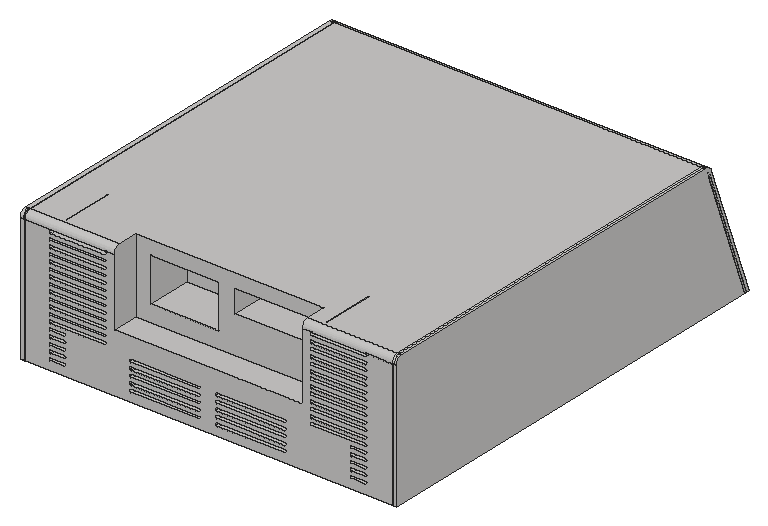
Revit family "Washroom_Accessories-TSL-3002-Hand_Dryer-THESPLASHLAB-Slim", category Specialty Equipment, host Face, Revit 2016
Family settings
  Host = Face
  Part Type = Normal
  Round Connector Dimension = Use Diameter
  OmniClass Number = 23.40.20.21.14
  OmniClass Title = Hand and Hair Dryers
  Cut with Voids When Loaded = No
  Shared = No
  Room Calculation Point = No
Parameters (values of type "TSL-3002_steel")
  material test = Brushed satin stainless steel
  _distributed by = ""
  _current revision = 1
  _created by = CreatedBy  # "www.thesplashlab.com"
  _authorized by = ""
  _BIMspec_GUID = 0
  WarrantyStartDate [instance] = ""
  WarrantyGuarantorParts = "technical@lovair.com"
  WarrantyGuarantorLabor = ""
  WarrantyDurationUnit = "years"
  WarrantyDurationParts = "3"
  WarrantyDescription = "2 years from date of purchase"
  Version = ""
  Uniclass2 = "45-35-72/334"
  URL = "www.thesplashlab.com"
  TypeName = "TSL-3002"  # constant formula
  Type Comments = Finish  # "Brushed satin stainless steel"
  TagNumber = ""
  Size = ""
  Shape = ""
  SerialNumber [instance] = ""
  ReplacementCost = ""
  ReferencedStandard = ""
  ProductionYear = ""
  Product Specification Link = "www.thesplashlab.com"
  Product Page Link = "www.thesplashlab.com"
  Product O&M Link = "www.thesplashlab.com"
  Product Documentation Link = "www.thesplashlab.com"
  NBSTypeID = ""
  NBSReference = Uniclass2  # "45-35-72/334"
  NBSObjectName = "Washroom_Accessories-TSL-3002-Hand_Dryer-THESPLASHLAB-Slim"  # constant formula
  NBSNote = ""
  NBS Specfication = ""
  Mtrl_distributed by = ""
  Mtrl_current revision = 0
  Mtrl_created by = ""
  Mtrl_bimspec_guid = 0
  Mtrl_authorized by = ""
  Mtrl_WarrantyStartDate = ""
  Mtrl_WarrantyGuarantorParts = ""
  Mtrl_WarrantyGuarantorLabor = ""
  Mtrl_WarrantyDurationUnit = ""
  Mtrl_WarrantyDurationParts = 0
  Mtrl_WarrantyDurationLabor = 0
  Mtrl_WarrantyDescription = ""
  Mtrl_Uniclass2 = ""
  Mtrl_TypeName = ""
  Mtrl_TagNumber = 0
  Mtrl_SpareParts = ""
  Mtrl_Size = ""
  Mtrl_Shape = ""
  Mtrl_SerialNumber = 0
  Mtrl_ReplacementCost = 0
  Mtrl_ReferencedStandard = ""
  Mtrl_ProductionYear = ""
  Mtrl_ModelNumber = ""
  Mtrl_Material = Material  # "Stainless Steel"
  Mtrl_Manufacturer = ""
  Mtrl_InstallationDate = ""
  Mtrl_Grade = Grade  # "304"
  Mtrl_Finish = Finish  # "Brushed satin stainless steel"
  Mtrl_Features = ""
  Mtrl_ExpectedLife = 0
  Mtrl_Exidentifier = ""
  Mtrl_DurationUnit = ""
  Mtrl_DocumentationTechnical = ""
  Mtrl_DocumentationMaintenance = ""
  Mtrl_DocumentationLiterature = ""
  Mtrl_DocumentationInstallationGuide = ""
  Mtrl_DocumentationCertificates = ""
  Mtrl_CreatedOn = ""
  Mtrl_CreatedBy = ""
  Mtrl_Constituents = ""
  Mtrl_Color = ""
  Mtrl_CodePerformance = ""
  Mtrl_ClassificationValue = ""
  Mtrl_ClassificationName = ""
  Mtrl_BarCode = ""
  Mtrl_AssetType = ""
  Mtrl_AssetIdentifier = ""
  Mtrl_AccessibilityPerformance = ""
  ModelNumber = ""
  Model = "TSL-3002"  # constant formula
  Material = "Stainless Steel"
  Manufacturer Tel = ""
  Manufacturer Fax = ""
  Manufacturer Address = ""
  Manufacturer = "TheSplashLab"  # constant formula
  Keynote = "N13/360"
  InstallationDate [instance] = ""
  Grade = "304"
  Finish = "Brushed satin stainless steel"
  Features = ""
  Extidentifier = ""
  ExpectedLife = 3
  DurationUnit = "Years"
  DocumentationTechnical = "www.thesplashlab.com"
  DocumentationMaintenance = "www.thesplashlab.com"
  DocumentationLiterature = "www.thesplashlab.com"
  DocumentationInstallationGuide = "www.thesplashlab.com"
  DocumentationCertificates = ""
  Description = ""
  Default Elevation = 1500 mm
  CreatedOn = "'February 2015'"
  CreatedBy = "www.thesplashlab.com"
  Constituents = ""
  Color = ""
  CodePerformance = ""
  ClassificationValue = ""
  ClassificationName = ""
  BarCode [instance] = ""
  AssetType = "fixed"
  AssetIdentifier [instance] = ""
  Assembly Code = "E1010900"
  AccessibilityPerformance = ""
Reference planes
  plane 1 "Center (Front/Back)": y = 0
  plane 2: z = 0
  plane 3 "Center (Left/Right)": x = 0
  plane 4: x = -140
  plane 5: x = 140
  plane 6: y = 173.5
  plane 7: z = 99
  plane 8: y = -133.5
  plane 9: x = -70
  plane 10: x = 70
  plane 11: z = 44
  plane 12: through (0, 173.5, 0) normal (0, 0.9397, 0.342)
  plane 13: x = -140
  plane 14: x = 140
  plane 15: y = -153.5
Forms (mm)
  Extrusion 1, solid, material "Brushed satin stainless steel" <- "material test"
    sketch origin (0, 0, 0) x (0, 1, 0) y (0, 0, 1)
      loop
        line (173.5, 0) -> (138.664, 95.71)
        arc (138.664, 95.71) -> (136.834, 98.096) -> (133.966, 99) r 5
        line (133.966, 99) -> (-148.5, 99)
        arc (-148.5, 99) -> (-152.036, 97.536) -> (-153.5, 94) r 5
        line (-153.5, 94) -> (-153.5, 0) -> (173.5, 0)
    from -140 to 140
  Extrusion 2, void
    sketch origin (0, 0, 0) x (0, 1, 0) y (0, 0, 1)
      loop
        line (-133.5, 99) -> (-173.5, 99) -> (-173.5, 44) -> (-133.5, 44) -> (-133.5, 99)
    from -70 to 70
  Extrusion 3, solid, material "Brushed satin stainless steel" <- "material test"
    sketch origin (0, 0, 0) x (0, 1, 0) y (0, 0, 1)
      loop
        arc (135.845, 94.684) -> (135.113, 95.638) -> (133.966, 96) r 2
        line (133.966, 96) -> (-148.5, 96)
        arc (-148.5, 96) -> (-149.914, 95.414) -> (-150.5, 94) r 2
        line (-150.5, 94) -> (-150.5, 0) -> (170.307, 0) -> (135.845, 94.684)
    from -137 to 137
  Extrusion 4, void
    sketch origin (0, 0, 0) x (1, 0, 0) y (0, 0, 1)
      loop
        arc (-117, 94) -> (-118.25, 92.75) -> (-117, 91.5) r 1.25
        line (-117, 91.5) -> (-77, 91.5)
        arc (-77, 91.5) -> (-75.75, 92.75) -> (-77, 94) r 1.25
        line (-77, 94) -> (-117, 94)
      loop
        arc (-117, 89) -> (-118.25, 87.75) -> (-117, 86.5) r 1.25
        line (-117, 86.5) -> (-77, 86.5)
        arc (-77, 86.5) -> (-75.75, 87.75) -> (-77, 89) r 1.25
        line (-77, 89) -> (-117, 89)
      loop
        arc (-117, 84) -> (-118.25, 82.75) -> (-117, 81.5) r 1.25
        line (-117, 81.5) -> (-77, 81.5)
        arc (-77, 81.5) -> (-75.75, 82.75) -> (-77, 84) r 1.25
        line (-77, 84) -> (-117, 84)
      loop
        arc (-117, 79) -> (-118.25, 77.75) -> (-117, 76.5) r 1.25
        line (-117, 76.5) -> (-77, 76.5)
        arc (-77, 76.5) -> (-75.75, 77.75) -> (-77, 79) r 1.25
        line (-77, 79) -> (-117, 79)
      loop
        arc (-117, 74) -> (-118.25, 72.75) -> (-117, 71.5) r 1.25
        line (-117, 71.5) -> (-77, 71.5)
        arc (-77, 71.5) -> (-75.75, 72.75) -> (-77, 74) r 1.25
        line (-77, 74) -> (-117, 74)
      loop
        arc (-117, 69) -> (-118.25, 67.75) -> (-117, 66.5) r 1.25
        line (-117, 66.5) -> (-77, 66.5)
        arc (-77, 66.5) -> (-75.75, 67.75) -> (-77, 69) r 1.25
        line (-77, 69) -> (-117, 69)
      loop
        arc (-117, 64) -> (-118.25, 62.75) -> (-117, 61.5) r 1.25
        line (-117, 61.5) -> (-77, 61.5)
        arc (-77, 61.5) -> (-75.75, 62.75) -> (-77, 64) r 1.25
        line (-77, 64) -> (-117, 64)
      loop
        arc (-117, 59) -> (-118.25, 57.75) -> (-117, 56.5) r 1.25
        line (-117, 56.5) -> (-77, 56.5)
        arc (-77, 56.5) -> (-75.75, 57.75) -> (-77, 59) r 1.25
        line (-77, 59) -> (-117, 59)
      loop
        arc (-117, 54) -> (-118.25, 52.75) -> (-117, 51.5) r 1.25
        line (-117, 51.5) -> (-77, 51.5)
        arc (-77, 51.5) -> (-75.75, 52.75) -> (-77, 54) r 1.25
        line (-77, 54) -> (-117, 54)
      loop
        arc (-117, 49) -> (-118.25, 47.75) -> (-117, 46.5) r 1.25
        line (-117, 46.5) -> (-77, 46.5)
        arc (-77, 46.5) -> (-75.75, 47.75) -> (-77, 49) r 1.25
        line (-77, 49) -> (-117, 49)
      loop
        arc (-117, 44) -> (-118.25, 42.75) -> (-117, 41.5) r 1.25
        line (-117, 41.5) -> (-77, 41.5)
        arc (-77, 41.5) -> (-75.75, 42.75) -> (-77, 44) r 1.25
        line (-77, 44) -> (-117, 44)
      loop
        arc (-117, 39) -> (-118.25, 37.75) -> (-117, 36.5) r 1.25
        line (-117, 36.5) -> (-77, 36.5)
        arc (-77, 36.5) -> (-75.75, 37.75) -> (-77, 39) r 1.25
        line (-77, 39) -> (-117, 39)
      loop
        arc (-117, 34) -> (-118.25, 32.75) -> (-117, 31.5) r 1.25
        line (-117, 31.5) -> (-77, 31.5)
        arc (-77, 31.5) -> (-75.75, 32.75) -> (-77, 34) r 1.25
        line (-77, 34) -> (-117, 34)
      loop
        arc (-117, 29) -> (-118.25, 27.75) -> (-117, 26.5) r 1.25
        line (-117, 26.5) -> (-107, 26.5)
        arc (-107, 26.5) -> (-105.75, 27.75) -> (-107, 29) r 1.25
        line (-107, 29) -> (-117, 29)
      loop
        arc (-117, 24) -> (-118.25, 22.75) -> (-117, 21.5) r 1.25
        line (-117, 21.5) -> (-107, 21.5)
        arc (-107, 21.5) -> (-105.75, 22.75) -> (-107, 24) r 1.25
        line (-107, 24) -> (-117, 24)
      loop
        arc (-117, 19) -> (-118.25, 17.75) -> (-117, 16.5) r 1.25
        line (-117, 16.5) -> (-107, 16.5)
        arc (-107, 16.5) -> (-105.75, 17.75) -> (-107, 19) r 1.25
        line (-107, 19) -> (-117, 19)
      loop
        arc (-117, 14) -> (-118.25, 12.75) -> (-117, 11.5) r 1.25
        line (-117, 11.5) -> (-107, 11.5)
        arc (-107, 11.5) -> (-105.75, 12.75) -> (-107, 14) r 1.25
        line (-107, 14) -> (-117, 14)
      loop
        arc (-117, 9) -> (-118.25, 7.75) -> (-117, 6.5) r 1.25
        line (-117, 6.5) -> (-107, 6.5)
        arc (-107, 6.5) -> (-105.75, 7.75) -> (-107, 9) r 1.25
        line (-107, 9) -> (-117, 9)
      loop
        arc (-57, 29) -> (-58.25, 27.75) -> (-57, 26.5) r 1.25
        line (-57, 26.5) -> (-7, 26.5)
        arc (-7, 26.5) -> (-5.75, 27.75) -> (-7, 29) r 1.25
        line (-7, 29) -> (-57, 29)
      loop
        arc (-57, 24) -> (-58.25, 22.75) -> (-57, 21.5) r 1.25
        line (-57, 21.5) -> (-7, 21.5)
        arc (-7, 21.5) -> (-5.75, 22.75) -> (-7, 24) r 1.25
        line (-7, 24) -> (-57, 24)
      loop
        arc (-57, 19) -> (-58.25, 17.75) -> (-57, 16.5) r 1.25
        line (-57, 16.5) -> (-7, 16.5)
        arc (-7, 16.5) -> (-5.75, 17.75) -> (-7, 19) r 1.25
        line (-7, 19) -> (-57, 19)
      loop
        arc (-57, 14) -> (-58.25, 12.75) -> (-57, 11.5) r 1.25
        line (-57, 11.5) -> (-7, 11.5)
        arc (-7, 11.5) -> (-5.75, 12.75) -> (-7, 14) r 1.25
        line (-7, 14) -> (-57, 14)
      loop
        arc (-57, 9) -> (-58.25, 7.75) -> (-57, 6.5) r 1.25
        line (-57, 6.5) -> (-7, 6.5)
        arc (-7, 6.5) -> (-5.75, 7.75) -> (-7, 9) r 1.25
        line (-7, 9) -> (-57, 9)
      loop
        line (117, 94) -> (77, 94)
        arc (77, 94) -> (75.75, 92.75) -> (77, 91.5) r 1.25
        line (77, 91.5) -> (117, 91.5)
        arc (117, 91.5) -> (118.25, 92.75) -> (117, 94) r 1.25
      loop
        line (117, 89) -> (77, 89)
        arc (77, 89) -> (75.75, 87.75) -> (77, 86.5) r 1.25
        line (77, 86.5) -> (117, 86.5)
        arc (117, 86.5) -> (118.25, 87.75) -> (117, 89) r 1.25
      loop
        line (117, 84) -> (77, 84)
        arc (77, 84) -> (75.75, 82.75) -> (77, 81.5) r 1.25
        line (77, 81.5) -> (117, 81.5)
        arc (117, 81.5) -> (118.25, 82.75) -> (117, 84) r 1.25
      loop
        line (117, 79) -> (77, 79)
        arc (77, 79) -> (75.75, 77.75) -> (77, 76.5) r 1.25
        line (77, 76.5) -> (117, 76.5)
        arc (117, 76.5) -> (118.25, 77.75) -> (117, 79) r 1.25
      loop
        line (117, 74) -> (77, 74)
        arc (77, 74) -> (75.75, 72.75) -> (77, 71.5) r 1.25
        line (77, 71.5) -> (117, 71.5)
        arc (117, 71.5) -> (118.25, 72.75) -> (117, 74) r 1.25
      loop
        line (117, 69) -> (77, 69)
        arc (77, 69) -> (75.75, 67.75) -> (77, 66.5) r 1.25
        line (77, 66.5) -> (117, 66.5)
        arc (117, 66.5) -> (118.25, 67.75) -> (117, 69) r 1.25
      loop
        line (117, 64) -> (77, 64)
        arc (77, 64) -> (75.75, 62.75) -> (77, 61.5) r 1.25
        line (77, 61.5) -> (117, 61.5)
        arc (117, 61.5) -> (118.25, 62.75) -> (117, 64) r 1.25
      loop
        line (117, 59) -> (77, 59)
        arc (77, 59) -> (75.75, 57.75) -> (77, 56.5) r 1.25
        line (77, 56.5) -> (117, 56.5)
        arc (117, 56.5) -> (118.25, 57.75) -> (117, 59) r 1.25
      loop
        line (117, 54) -> (77, 54)
        arc (77, 54) -> (75.75, 52.75) -> (77, 51.5) r 1.25
        line (77, 51.5) -> (117, 51.5)
        arc (117, 51.5) -> (118.25, 52.75) -> (117, 54) r 1.25
      loop
        line (117, 49) -> (77, 49)
        arc (77, 49) -> (75.75, 47.75) -> (77, 46.5) r 1.25
        line (77, 46.5) -> (117, 46.5)
        arc (117, 46.5) -> (118.25, 47.75) -> (117, 49) r 1.25
      loop
        line (117, 44) -> (77, 44)
        arc (77, 44) -> (75.75, 42.75) -> (77, 41.5) r 1.25
        line (77, 41.5) -> (117, 41.5)
        arc (117, 41.5) -> (118.25, 42.75) -> (117, 44) r 1.25
      loop
        line (117, 39) -> (77, 39)
        arc (77, 39) -> (75.75, 37.75) -> (77, 36.5) r 1.25
        line (77, 36.5) -> (117, 36.5)
        arc (117, 36.5) -> (118.25, 37.75) -> (117, 39) r 1.25
      loop
        line (117, 34) -> (77, 34)
        arc (77, 34) -> (75.75, 32.75) -> (77, 31.5) r 1.25
        line (77, 31.5) -> (117, 31.5)
        arc (117, 31.5) -> (118.25, 32.75) -> (117, 34) r 1.25
      loop
        line (117, 29) -> (107, 29)
        arc (107, 29) -> (105.75, 27.75) -> (107, 26.5) r 1.25
        line (107, 26.5) -> (117, 26.5)
        arc (117, 26.5) -> (118.25, 27.75) -> (117, 29) r 1.25
      loop
        line (117, 24) -> (107, 24)
        arc (107, 24) -> (105.75, 22.75) -> (107, 21.5) r 1.25
        line (107, 21.5) -> (117, 21.5)
        arc (117, 21.5) -> (118.25, 22.75) -> (117, 24) r 1.25
      loop
        line (117, 19) -> (107, 19)
        arc (107, 19) -> (105.75, 17.75) -> (107, 16.5) r 1.25
        line (107, 16.5) -> (117, 16.5)
        arc (117, 16.5) -> (118.25, 17.75) -> (117, 19) r 1.25
      loop
        line (117, 14) -> (107, 14)
        arc (107, 14) -> (105.75, 12.75) -> (107, 11.5) r 1.25
        line (107, 11.5) -> (117, 11.5)
        arc (117, 11.5) -> (118.25, 12.75) -> (117, 14) r 1.25
      loop
        line (117, 9) -> (107, 9)
        arc (107, 9) -> (105.75, 7.75) -> (107, 6.5) r 1.25
        line (107, 6.5) -> (117, 6.5)
        arc (117, 6.5) -> (118.25, 7.75) -> (117, 9) r 1.25
      loop
        line (57, 29) -> (7, 29)
        arc (7, 29) -> (5.75, 27.75) -> (7, 26.5) r 1.25
        line (7, 26.5) -> (57, 26.5)
        arc (57, 26.5) -> (58.25, 27.75) -> (57, 29) r 1.25
      loop
        line (57, 24) -> (7, 24)
        arc (7, 24) -> (5.75, 22.75) -> (7, 21.5) r 1.25
        line (7, 21.5) -> (57, 21.5)
        arc (57, 21.5) -> (58.25, 22.75) -> (57, 24) r 1.25
      loop
        line (57, 19) -> (7, 19)
        arc (7, 19) -> (5.75, 17.75) -> (7, 16.5) r 1.25
        line (7, 16.5) -> (57, 16.5)
        arc (57, 16.5) -> (58.25, 17.75) -> (57, 19) r 1.25
      loop
        line (57, 14) -> (7, 14)
        arc (7, 14) -> (5.75, 12.75) -> (7, 11.5) r 1.25
        line (7, 11.5) -> (57, 11.5)
        arc (57, 11.5) -> (58.25, 12.75) -> (57, 14) r 1.25
      loop
        line (57, 9) -> (7, 9)
        arc (7, 9) -> (5.75, 7.75) -> (7, 6.5) r 1.25
        line (7, 6.5) -> (57, 6.5)
        arc (57, 6.5) -> (58.25, 7.75) -> (57, 9) r 1.25
      loop
        line (-58.824, 89) -> (-58.824, 56.5) -> (-8.226, 56.5) -> (-8.226, 89) -> (-58.824, 89)
      loop
        line (58.824, 89) -> (3.226, 89) -> (3.226, 71.5) -> (58.824, 71.5) -> (58.824, 89)
    from 100 to 173.5
  Extrusion 5, void
    sketch origin (0, 0, 0) x (0, 1, 0) y (0, 0, 1)
      loop
        line (173.5, 0) -> (170.307, 0) -> (170.681, -1.026) -> (173.5, 0)
    from -141.124 to 0
  Sweep 6, solid, material "Brushed satin stainless steel" <- "material test"
    path in 3D
      loop
        line (137, 173.5, 0) -> (137, 138.664, 95.71)
        arc (137, 138.664, 95.71) -> (137, 136.834, 98.096) -> (137, 133.966, 99) r 5
        line (137, 133.966, 99) -> (137, -148.5, 99)
        arc (137, -148.5, 99) -> (137, -152.036, 97.536) -> (137, -153.5, 94) r 5
        line (137, -153.5, 94) -> (137, -153.5, 0)
    profile origin (137, 156.082, 47.855) x (0, -0.939693, -0.34202) y (1, 0, 0)
      loop
        line (0, 0) -> (3, 0) -> (3, 3)
        arc (3, 3) -> (0.879, 2.121) -> (0, 0) r 3
  Sweep 7, solid, material "Brushed satin stainless steel"
    path in 3D
      loop
        line (-137, -153.5, 0) -> (-137, -153.5, 94)
        arc (-137, -153.5, 94) -> (-137, -152.036, 97.536) -> (-137, -148.5, 99) r 5
        line (-137, -148.5, 99) -> (-137, 133.966, 99)
        arc (-137, 133.966, 99) -> (-137, 136.834, 98.096) -> (-137, 138.664, 95.71) r 5
        line (-137, 138.664, 95.71) -> (-137, 173.5, 0)
    profile origin (-137, -7.267, 99) x (0, 0, -1) y (-1, 0, 0)
      loop
        line (0, 0) -> (3, 0) -> (3, 3)
        arc (3, 3) -> (0.879, 2.121) -> (0, 0) r 3
  Extrusion 8, void
    sketch origin (141.124, 0, 0) x (0, 1, 0) y (0, 0, 1)
      loop
        line (173.5, 0) -> (170.307, 0) -> (170.681, -1.026) -> (173.5, 0)
    from -141.124 to 0
Cuts and joins
  Extrusion 2, Extrusion 4, Extrusion 5, Extrusion 8 cuts Extrusion 1
  Extrusion 2, Extrusion 4, Extrusion 5, Extrusion 8 cuts Extrusion 3
  joined: Extrusion 1, Extrusion 3
  Extrusion 5, Extrusion 8 cuts Sweep 7
  Extrusion 8 cuts Sweep 6
Lines and regions (mm)
  sketch lines
    curve 1: line (137, 173.5, 0) -> (137, 138.664, 95.71)
    curve 2: arc (137, 133.966, 99) -> (137, 136.834, 98.096) -> (137, 138.664, 95.71) r 5
    curve 3: line (137, 133.966, 99) -> (137, -148.5, 99)
    curve 4: line (-137, -148.5, 99) -> (-137, 133.966, 99)
    curve 5: arc (-137, 138.664, 95.71) -> (-137, 136.834, 98.096) -> (-137, 133.966, 99) r 5
    curve 6: line (-137, 138.664, 95.71) -> (-137, 173.5, 0)
    curve 7: line (-137, -153.5, 0) -> (-137, -153.5, 94)
    curve 8: arc (-137, -148.5, 99) -> (-137, -152.036, 97.536) -> (-137, -153.5, 94) r 5
    curve 9: line (137, -153.5, 94) -> (137, -153.5, 0)
    curve 10: arc (137, -153.5, 94) -> (137, -152.036, 97.536) -> (137, -148.5, 99) r 5
Dimensions and locks
  plane 6 to plane 15 = 327 mm  (x2)
  plane 13 to plane 14 = 280 mm
  aligned and locked: plane 2 to host face
  aligned and locked: level to host face
  aligned and locked: Extrusion 1 sketch curve to plane 12
  aligned and locked: plane 7 to Extrusion 1 sketch curve
  aligned and locked: host face to Extrusion 1 sketch curve
  aligned and locked: Extrusion 1 to plane 4
  aligned and locked: plane 5 to Extrusion 1
  aligned and locked: plane 7 to Extrusion 2 sketch curve
  aligned and locked: plane 8 to Extrusion 2 sketch curve
  aligned and locked: Extrusion 2 sketch curve to plane 11
  aligned and locked: Extrusion 2 to plane 9
  aligned and locked: plane 10 to Extrusion 2
  aligned and locked: level to Extrusion 5 sketch curve
